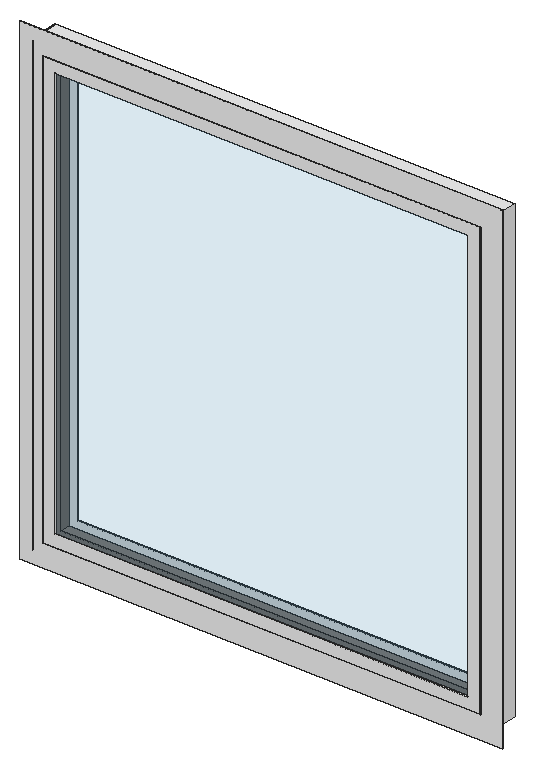
Revit family "Casement_38_D_Side_Hung_Standard", category Windows, host Wall, Revit 2014
Parameters (values of type "Casement_Sash_DG")
  Width Sash [instance] = 30 mm
  Width Sash Inner = 15 mm
  Width Bead = 15 mm
  Top Hung [instance] = yes
  Side Hung Right [instance] = yes
  Side Hung Left [instance] = yes
  Sash Opening Width [instance] = 600 mm
  Sash Opening Height [instance] = 600.312 mm
  Sash Lip = 15 mm
  Glazing Material [instance] = Glass
  DG Start Piece 2 [instance] = DG End Piece 1 + DG Gasket Thickness  # 25 mm
  DG Start Peice 1 [instance] = (Depth Sash - (2 * DG Glazing Thickness) - DG Gasket Thickness) / 2  # 6.6 mm
  Glazing Offset = 5 mm
  DG Glazing Thickness [instance] = 6.4 mm
  DG Gasket Thickness = 12 mm  # constant formula
  DG Gasket Material [instance] = Double Glazing Gasket Material
  DG End Piece 2 [instance] = DG Start Piece 2 + DG Glazing Thickness  # 31.4 mm
  DG End Piece 1 [instance] = DG Start Peice 1 + DG Glazing Thickness  # 13 mm
  Depth Sash [instance] = 38 mm
  Center Vertical Sash [instance] = Sash Opening Height / 2  # 300.156 mm
  Center Horizontal Sash [instance] = Sash Opening Width / 2  # 300 mm
  Bottom Hung [instance] = yes
  Bead Offset = 15 mm
  Aluminium Thickness = 1 mm
  Aluminium Material [instance] = White Powder Coated Aluminium
Reference planes
  plane 1 "Center (Front/Back)": y = 0
  plane 2: z = 0
  plane 3 "Center (Left/Right)": x = 0
Forms (mm)
  Sweep 1, solid, material "White Powder Coated Aluminium" <- "Aluminium Material"
    path origin (16.177, 0, 121.331) x (1, 0, 0) y (0, 0, 1)
      loop
        line (0, 0) -> (600, 0) -> (600, 600.312) -> (0, 600.312) -> (0, 0)
    profile origin (316.177, 0, 121.331) x (0, 0, 1) y (0, -1, 0)
      loop
        line (0, 0) -> (30, 0) -> (30, 1) -> (15, 1) -> (15, 38) -> (-15, 38) -> (-15, 37) -> (0, 37) -> (0, 0)
      loop
        line (14, 1) -> (14, 37) -> (1, 37) -> (1, 1) -> (14, 1)
  Sweep 2, solid, material "White Powder Coated Aluminium" <- "Aluminium Material"
    path origin (0, 0, 0) x (1, 0, 0) y (0, 0, 1)
      loop
        line (31.177, 706.643) -> (31.177, 136.331) -> (601.177, 136.331) -> (601.177, 706.643) -> (31.177, 706.643)
    profile origin (316.177, 0, 706.643) x (0, 0, 1) y (0, -1, 0)
      loop
        line (0, 37) -> (0, 38) -> (-15, 38) -> (-15, 37) -> (0, 37)
  Extrusion 3, solid, material "Glass" <- "Glazing Material"
    sketch origin (0, 0, 0) x (1, 0, 0) y (0, 0, 1)
      loop
        line (36.177, 701.643) -> (36.177, 141.331) -> (596.177, 141.331) -> (596.177, 701.643) -> (36.177, 701.643)
    from 6.6 <- "DG Start Peice 1" to 13 <- "DG End Piece 1"
  Extrusion 4, solid, material "Glass" <- "Glazing Material"
    sketch origin (0, 0, 0) x (1, 0, 0) y (0, 0, 1)
      loop
        line (36.177, 701.643) -> (36.177, 141.331) -> (596.177, 141.331) -> (596.177, 701.643) -> (36.177, 701.643)
    from 31.4 <- "DG End Piece 2" to 25 <- "DG Start Piece 2"
  Sweep 5, solid, material "Double Glazing Gasket Material" <- "DG Gasket Material"
    path origin (0, -13, 0) x (1, 0, 0) y (0, 0, 1)
      loop
        line (36.177, 701.643) -> (36.177, 141.331) -> (596.177, 141.331) -> (596.177, 701.643) -> (36.177, 701.643)
    profile origin (316.177, -13, 701.643) x (0, 0, 1) y (0, -1, 0)
      loop
        line (0, 0) -> (0, 12) -> (-7.96, 12) -> (-7.96, 0) -> (0, 0)
Lines and regions (mm)
  model lines
    curve 1: line (1.177, -38, 736.643) -> (31.177, -38, 706.643)
    curve 2: line (601.177, -38, 706.643) -> (631.177, -38, 736.643)
    curve 3: line (601.177, -38, 136.331) -> (631.177, -38, 106.331)
    curve 4: line (1.177, -38, 106.331) -> (31.177, -38, 136.331)
    curve 5: line (631.177, -37, 736.643) -> (616.177, -37, 721.643)
    curve 6: line (1.177, -37, 736.643) -> (16.177, -37, 721.643)
    curve 7: line (1.177, -37, 106.331) -> (16.177, -37, 121.331)
    curve 8: line (631.177, -37, 106.331) -> (616.177, -37, 121.331)
    curve 9: line (616.177, 0, 121.331) -> (586.177, 0, 151.331)
    curve 10: line (46.177, 0, 151.331) -> (16.177, 0, 121.331)
    curve 11: line (616.177, 0, 721.643) -> (586.177, 0, 691.643)
    curve 12: line (46.177, 0, 691.643) -> (16.177, 0, 721.643)
    curve 13: line (31.177, -38, 691.643) -> (46.177, -38, 691.643)
    curve 14: line (586.177, -38, 691.643) -> (601.177, -38, 691.643)
    curve 15: line (586.177, -38, 151.331) -> (601.177, -38, 151.331)
    curve 16: line (31.177, -38, 151.331) -> (46.177, -38, 151.331)
  model lines, style "GenericModelHiddenLines", visible <- "Top Hung"
    curve 17: line (46.386, -31.4, 690.914) -> (316.177, -31.4, 151.331)
    curve 18: line (316.177, -31.4, 151.331) -> (586.177, -31.4, 691.331)
  model lines, style "GenericModelHiddenLines", visible <- "Bottom Hung"
    curve 19: line (46.177, -31.4, 151.331) -> (316.177, -31.4, 691.331)
    curve 20: line (316.177, -31.4, 691.331) -> (586.177, -31.4, 151.331)
  model lines, style "GenericModelHiddenLines", visible <- "Side Hung Left"
    curve 21: line (46.386, -31.4, 690.914) -> (585.24, -31.4, 421.487)
    curve 22: line (585.24, -31.4, 421.487) -> (46.177, -31.4, 151.331)
  model lines, style "GenericModelHiddenLines", visible <- "Side Hung Right"
    curve 23: line (586.177, -31.4, 691.331) -> (46.177, -31.4, 421.487)
    curve 24: line (46.177, -31.4, 421.487) -> (586.177, -31.4, 151.331)
Dimensions and locks
  "Aluminium Thickness": Sweep 1 sketch curve to Sweep 1 sketch curve  (x4)
  "Depth Sash": Sweep 1 sketch curve to Sweep 1 sketch curve
  "Sash Opening Width": Sweep 1 to Sweep 1
  "Sash Opening Height": Sweep 1 to Sweep 1
  "Width Sash": Sweep 1 sketch curve to Sweep 1 sketch curve  (x2)
  "Width Sash Inner": Sweep 1 sketch curve to Sweep 1 sketch curve
  "Sash Lip": Sweep 1 sketch curve to Sweep 1 sketch curve
  "Aluminium Thickness": Sweep 1 to Sweep 2 sketch curve
  "Glazing Offset": Sweep 2 to Extrusion 3 sketch curve  (x3)
  "Glazing Offset": Extrusion 3 sketch curve to Sweep 2
  Sweep 1 to Sweep 1 = 1 mm
  "Aluminium Thickness": Sweep 2 sketch curve to Sweep 2 sketch curve
  "Width Bead": Sweep 2 sketch curve to Sweep 2 sketch curve
  locked: Sweep 5 sketch curve to Sweep 5 sketch curve at 7.96
  "Center Horizontal Sash": Sweep 1 to curve 18
  "Center Horizontal Sash": Sweep 1 to curve 20
  "Center Vertical Sash": Sweep 1 to curve 22
  "Center Vertical Sash": Sweep 1 to curve 24
  aligned and locked: level to plane 2
  aligned and locked: Sweep 1 sketch curve to Sweep 1 sketch curve  (x2)
  aligned and locked: Sweep 2 sketch curve to Sweep 1  (x5)
  aligned and locked: Extrusion 4 sketch curve to Extrusion 3  (x4)
  aligned and locked: Sweep 5 sketch curve to Extrusion 3  (x5)
  aligned and locked: Extrusion 3 to Sweep 5 sketch curve
Automatic sketch dimensions
  plane 3 "Center (Left/Right)" to Sweep 1 sketch curve = 16.177 mm
  level to Sweep 1 sketch curve = 121.331 mm
  plane 3 "Center (Left/Right)" to Sweep 1 sketch curve = 616.177 mm
  level to Sweep 1 sketch curve = 721.643 mm
  profile plane to Sweep 5 sketch curve = 12 mm
  curve 7 to Sweep 1 = 0 mm  (x4)
  curve 6 to Sweep 1 = 0 mm  (x3)
  Sweep 1 to curve 6 = 0 mm
  curve 5 to Sweep 1 = 0 mm  (x3)
  curve 8 to Sweep 1 = 0 mm  (x4)
  Sweep 1 to curve 5 = 0 mm
  curve 16 to Sweep 2 = 0 mm  (x3)
  curve 13 to Sweep 2 = 0 mm  (x3)
  curve 15 to Sweep 2 = 0 mm
  Sweep 2 to curve 15 = 0 mm  (x2)
  curve 14 to Sweep 2 = 0 mm  (x2)
  Sweep 2 to curve 14 = 0 mm
  curve 1 to Sweep 1 = 0 mm  (x4)
  curve 4 to Sweep 1 = 0 mm  (x3)
  Sweep 1 to curve 4 = 0 mm
  curve 3 to Sweep 1 = 0 mm  (x3)
  curve 2 to Sweep 1 = 0 mm  (x4)
  Sweep 1 to curve 3 = 0 mm
  curve 10 to Sweep 1 = 0 mm  (x4)
  curve 12 to Sweep 1 = 0 mm  (x3)
  Sweep 1 to curve 12 = 0 mm
  curve 9 to Sweep 1 = 0 mm  (x4)
  curve 11 to Sweep 1 = 0 mm  (x3)
  Sweep 1 to curve 11 = 0 mm
  Sweep 1 sketch curve to plane 1 "Center (Front/Back)" = 0 mm
  profile plane to Sweep 1 sketch curve = 0 mm
  curve 21 to Extrusion 4 = 10.208 mm
  curve 19 to Extrusion 4 = 10 mm
  curve 23 to Extrusion 4 = 10 mm  (x2)
  curve 22 to Extrusion 4 = 10.937 mm
  curve 20 to Extrusion 4 = 10 mm
  curve 24 to Extrusion 4 = 10 mm
  curve 22 to Extrusion 4 = 10 mm
  curve 18 to Extrusion 4 = 10 mm
  curve 21 to Extrusion 4 = 10.729 mm
  curve 19 to Extrusion 4 = 10.312 mm
  curve 18 to Extrusion 4 = 10.312 mm
Types in the file's own list only (6): name | Windload Design | Width Sash Opening | Width Sash | Width Profile | Width Panel 3 | Width Panel 1 | Width | URL | Offset Window Exterior | Max System DG Unit Thickness | Max System DG One Piece Thickness | Max Pane Area | Limit Fixed Pane Height Min | Limit Fixed Pane Height Max | Intruderprufe U Value | Intruderprufe SHGC Value | Intruderprufe LowE U Value | Intruderprufe LowE SHGC Value | Intruderprufe Insulated U Value | Intruderprufe Insulated SHGC Value | Intruderprufe Insulated LowE U Value | Intruderprufe Insulated LowE SHGC Value | Height | Energy Advantage U Value | Energy Advantage SHGC Value | DG Thickness Calc | Custom Window Width | Custom Window Height | Window Exterior Offset | Custom Windload | Sash Width | Custom Sash Height | Sash Spacing Inner | Sash Overlap | Sash Center Offset | SG Gasket Thickness | Offset Sash Left | Offset Sash Top | Offset Panel 3 Bead Top | Offset Transom Top | Offset Bead SG Center Reversed | Model | Manufacturer | Limit Window Width Min | Limit Window Width Max | Limit Window Height Min | Limit Window Height Max | Limit Sash Width Min | Limit Sash Width Max | Limit Sash Height Min | Limit Sash Height Max | Length Transom | Height Sash Opening | Height Sash | Height Panel 3 | Height Panel 1 | Description | Frame Center Offset | Depth Bead | Default Sill Height | Wall Closure | DG Gasket Finish | DG Extrusion Start | Clearvue U Value | Clearvue SHGC Value | Clearvue Insulated U Value | Clearvue Insulated SHGC Value | Clearvue Insulated LowE U Value | Clearvue Insulated LowE SHGC Value | Casement Dimension | Bead SG Gap | Area Pane Top | Area Pane Bottom
  38-0615S-2000Pa | 2000 mm | 544 mm | 514 mm | 30 mm | 530 mm | 530 mm | 590 mm | "http://www.crealco.co.za/crealco-products.php" | 19 mm | 25 mm | 6 mm | 0.51 m² | 200 mm | 1800 mm | 6.08 | 0.561 | 4.67 | 0.492 | 4.06 | 0.476 | 3.59 | 0.433 | 1490 mm | 4.78 | 0.524 | 4 mm | 590 mm | 1490 mm | 0 mm | 2000 mm | 544 mm | 1154 mm | 8 mm | 7 mm | 16 mm | 6 mm | 23 mm | 23 mm | 1200 mm | 1170 mm | 19 mm | "Casement 38" | "Crealco" | 346 mm | 746 mm | 1430 mm | 3030 mm | 300 mm | 700 mm | 300 mm | 1500 mm | 530 mm | 1154 mm | 1124 mm | 260 mm | 1140 mm | "Window 38mm, Type D side hung" | 19 mm | 24 mm | 800 mm | By host | Double Glazing Gasket Material | 9 mm | 6.16 | 0.584 | 4.15 | 0.511 | 3.67 | 0.466 | 38 mm | 13 mm | 0.51 m² | 0.13 m²
  38-0615S-1000Pa | 1000 mm | 544 mm | 514 mm | 30 mm | 530 mm | 530 mm | 590 mm | "http://www.crealco.co.za/crealco-products.php" | 19 mm | 25 mm | 6 mm | 0.51 m² | 200 mm | 1800 mm | 6.08 | 0.561 | 4.67 | 0.492 | 4.06 | 0.476 | 3.59 | 0.433 | 1490 mm | 4.78 | 0.524 | 4 mm | 590 mm | 1490 mm | 0 mm | 1000 mm | 544 mm | 1154 mm | 8 mm | 7 mm | 16 mm | 6 mm | 23 mm | 23 mm | 1200 mm | 1170 mm | 19 mm | "Casement 38" | "Crealco" | 346 mm | 746 mm | 1430 mm | 3030 mm | 300 mm | 700 mm | 300 mm | 1500 mm | 530 mm | 1154 mm | 1124 mm | 260 mm | 1140 mm | "Window 38mm, Type D side hung" | 19 mm | 24 mm | 800 mm | By host | Double Glazing Gasket Material | 9 mm | 6.16 | 0.584 | 4.15 | 0.511 | 3.67 | 0.466 | 38 mm | 13 mm | 0.51 m² | 0.13 m²
  38-0615S-1500Pa | 1500 mm | 544 mm | 514 mm | 30 mm | 530 mm | 530 mm | 590 mm | "http://www.crealco.co.za/crealco-products.php" | 19 mm | 25 mm | 6 mm | 0.51 m² | 200 mm | 1800 mm | 6.08 | 0.561 | 4.67 | 0.492 | 4.06 | 0.476 | 3.59 | 0.433 | 1490 mm | 4.78 | 0.524 | 4 mm | 590 mm | 1490 mm | 0 mm | 1500 mm | 544 mm | 1154 mm | 8 mm | 7 mm | 16 mm | 6 mm | 23 mm | 23 mm | 1200 mm | 1170 mm | 19 mm | "Casement 38" | "Crealco" | 346 mm | 746 mm | 1430 mm | 3030 mm | 300 mm | 700 mm | 300 mm | 1500 mm | 530 mm | 1154 mm | 1124 mm | 260 mm | 1140 mm | "Window 38mm, Type D side hung" | 19 mm | 24 mm | 800 mm | By host | Double Glazing Gasket Material | 9 mm | 6.16 | 0.584 | 4.15 | 0.511 | 3.67 | 0.466 | 38 mm | 13 mm | 0.51 m² | 0.13 m²
  38-0618S-1000Pa | 1000 mm | 544 mm | 514 mm | 30 mm | 530 mm | 530 mm | 590 mm | "http://www.crealco.co.za/crealco-products.php" | 19 mm | 25 mm | 6 mm | 0.51 m² | 200 mm | 1800 mm | 6.05 | 0.581 | 4.57 | 0.51 | 3.94 | 0.495 | 3.45 | 0.45 | 1790 mm | 4.68 | 0.544 | 4 mm | 590 mm | 1790 mm | 0 mm | 1000 mm | 544 mm | 1154 mm | 8 mm | 7 mm | 16 mm | 6 mm | 23 mm | 23 mm | 1200 mm | 1170 mm | 19 mm | "Casement 38" | "Crealco" | 346 mm | 746 mm | 1430 mm | 3030 mm | 300 mm | 700 mm | 300 mm | 1500 mm | 530 mm | 1154 mm | 1124 mm | 560 mm | 1140 mm | "Window 38mm, Type D side hung" | 19 mm | 24 mm | 800 mm | By host | Double Glazing Gasket Material | 9 mm | 6.13 | 0.607 | 4.03 | 0.531 | 3.52 | 0.484 | 38 mm | 13 mm | 0.51 m² | 0.29 m²
  38-0618S-1500Pa | 1500 mm | 544 mm | 514 mm | 30 mm | 530 mm | 530 mm | 590 mm | "http://www.crealco.co.za/crealco-products.php" | 19 mm | 25 mm | 6 mm | 0.51 m² | 200 mm | 1800 mm | 6.05 | 0.581 | 4.57 | 0.51 | 3.94 | 0.495 | 3.45 | 0.45 | 1790 mm | 4.68 | 0.544 | 4 mm | 590 mm | 1790 mm | 0 mm | 1500 mm | 544 mm | 1154 mm | 8 mm | 7 mm | 16 mm | 6 mm | 23 mm | 23 mm | 1200 mm | 1170 mm | 19 mm | "Casement 38" | "Crealco" | 346 mm | 746 mm | 1430 mm | 3030 mm | 300 mm | 700 mm | 300 mm | 1500 mm | 530 mm | 1154 mm | 1124 mm | 560 mm | 1140 mm | "Window 38mm, Type D side hung" | 19 mm | 24 mm | 800 mm | By host | Double Glazing Gasket Material | 9 mm | 6.13 | 0.607 | 4.03 | 0.531 | 3.52 | 0.484 | 38 mm | 13 mm | 0.51 m² | 0.29 m²
  38-0618S-2000Pa | 2000 mm | 544 mm | 514 mm | 30 mm | 530 mm | 530 mm | 590 mm | "http://www.crealco.co.za/crealco-products.php" | 19 mm | 25 mm | 6 mm | 0.51 m² | 200 mm | 1800 mm | 6.05 | 0.581 | 4.57 | 0.51 | 3.94 | 0.495 | 3.45 | 0.45 | 1790 mm | 4.68 | 0.544 | 4 mm | 590 mm | 1790 mm | 0 mm | 2000 mm | 544 mm | 1154 mm | 8 mm | 7 mm | 16 mm | 6 mm | 23 mm | 23 mm | 1200 mm | 1170 mm | 19 mm | "Casement 38" | "Crealco" | 346 mm | 746 mm | 1430 mm | 3030 mm | 300 mm | 700 mm | 300 mm | 1500 mm | 530 mm | 1154 mm | 1124 mm | 560 mm | 1140 mm | "Window 38mm, Type D side hung" | 19 mm | 24 mm | 800 mm | By host | Double Glazing Gasket Material | 9 mm | 6.13 | 0.607 | 4.03 | 0.531 | 3.52 | 0.484 | 38 mm | 13 mm | 0.51 m² | 0.29 m²
